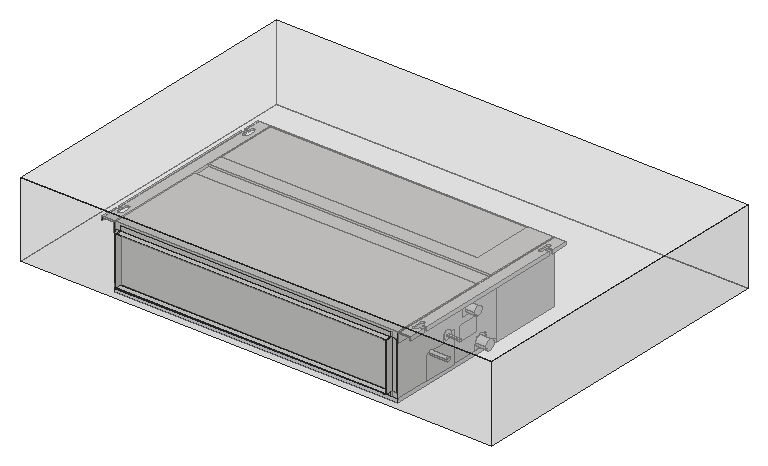
Revit family "outputfile", category 機械設備, Revit 2024
Family settings
  丸型コネクタ寸法 = 半径を使用
  パーツ タイプ = 標準
  OmniClass 番号 = 23.75.10.24.21.27.27
  OmniClass タイトル = Split System Air Conditioning Units
  作業面ベース = いいえ
  常に垂直 = はい
  ロード時にボイドで切り取り = いいえ
  注釈の向きを維持 = いいえ
  共有 = いいえ
  部屋計算ポイント = はい
Parameters (values of type "FXDQ40NDVE")
  Description = ""
  製造元 = "Daikin"
  書き出し IFC クラス(タイプ) = "IfcUnitaryEquipmentType"
  定義済み IFC タイプ(タイプ) = "AIRCONDITIONINGUNIT"
  Cost = 0
  モデル = "FXDQ40NDVE"
  Type Comments = ""
  Keynote = ""
  Type Image = (empty or 0)
  Assembly Code = ""
  w_pipe = 33.0 mm
  r_Liquid Pipe Size = Liquid Pipe Size / 2  # 3.2 mm
  r_Gas Pipe Size = Gas Pipe Size / 2  # 6.35 mm
  r_Drain Pipe Size = Drain Pipe Size / 2  # 10.0 mm
  lw_powersupply = 404.0 mm
  lw_ductflange2 = 820.0 mm
  lw_Width = 860.0 mm
  lh_suctionflange [instance] = if(Rear Connection_Return Air, 100.0 mm + [h***], 190.0 mm + [h***])  # 100.0 mm
  ld_suctionflange [instance] = if(Rear Connection_Return Air, 190.0 mm, 100.0 mm)  # 190.0 mm
  ld_powersupply = 60.0 mm
  angle_vertical_RA [instance] = if(Rear Connection_Return Air, 90.00°, 0.00°)  # 90.00°
  angle horizontal_RA [instance] = if(Rear Connection_Return Air, 180.00°, 270.00°)  # 180.00°
  Voltage_comment_60Hz = "220"
  Voltage_comment_50Hz = "220-240"
  Voltage_60Hz = 220 V
  Voltage_50Hz = 220 V
  URL = ""
  Supply Air Direction [instance] = yes
  Sound Power Level_H speed (dB) = 56
  Rear Connection_Return Air [instance] = not(Bottom Connection_Return Air)  # yes
  RA_length = 190.0 mm  # constant formula
  Phase_60Hz = 1
  Phase_50Hz = 1
  Minimum External Static Pressure = 15.00 Pa
  Minimum Circuit Amps_60Hz = 1.1 A
  Minimum Circuit Amps_50Hz = 1.0 A
  Maximum Fuse Amps_60Hz = 16.0 A
  Maximum Fuse Amps_50Hz = 16.0 A
  Maximum External Static Pressure = 44.00 Pa
  Material_Casing = DAIKIN_GalvanizedSteel_Casing_indoorunit
  lw_liquidpipe = 46.0 mm  # constant formula
  lw_gaspipe = 57.0 mm  # constant formula
  lw_mountinghole_pitch = 940.0 mm
  lw_mountinghole = 20.0 mm  # constant formula
  lw_drainpipe = 33.0 mm  # constant formula
  lh_powersupply = 10.0 mm
  lh_liquidpipe = 110.0 mm
  lh_gaspipe = 87.0 mm
  lh_mountinghole = Height + [h***]  # 200.0 mm
  lh_drainpipe = 150.0 mm
  lh_antena = 1.0 mm  # constant formula
  ld_liquidpipe = 193.0 mm  # constant formula
  ld_gaspipe = 130.0 mm  # constant formula
  ld_mountinghole_pitch = 0.0 mm  # constant formula
  ld_drainpipe = 280.0 mm
  ld_controlbox = 626.0 mm  # constant formula
  h*** = 0.0 mm  # constant formula
  d_dischargeflange = 21.2 mm  # constant formula
  Width = 900.0 mm
  Version = "ver.1.0"
  Unit Type = "Slim Duct (Standard) Type"
  Unit Mass Weight = 27.00 kg
  Unit Designation [instance] = ""
  Uniclass2015Version = "Products v1.30"
  Uniclass2015Title = "Variable refrigerant flow units"
  Uniclass2015Code = "Pr_70_65_03_94"
  Total Heating Capacity [instance] = 0.000 kW
  Total Cooling Capacity [instance] = 0.000 kW
  Sound Pressure Level_M speed (dBA) = 0
  Sound Pressure Level_L speed (dBA) = 26
  Sound Pressure Level_H speed (dBA) = 30
  Series = "VRV Fan Coil Unit"
  Sensible Cooling Capacity [instance] = 0.000 kW
  SA Duct Size Width = 860.0 mm
  SA Duct Size Height = 153.0 mm
  Refrigerant Type = "R410A"
  RA Duct Size Width = 800.0 mm
  RA Duct Size Height = 180.0 mm
  Power Input (Heating) = 0.147 kW
  Power Input (Cooling) = 0.160 kW
  Option Accessory 3 [instance] = ""
  Option Accessory 2 [instance] = ""
  Option Accessory 1 [instance] = ""
  Nominal Heating Capacity = 5.000 kW
  Nominal Cooling Capacity = 4.500 kW
  Minimum Airflow = 510.00 m³/h
  Median Airflow = 570.00 m³/h
  Maximum Airflow = 630.00 m³/h
  Load Classification = HVAC
  Liquid Pipe Size = 6.4 mm
  Link_Nested Family [instance] = ""
  IfcVersion = "0"
  IfcExportType = "AIRCONDITIONINGUNIT"
  IfcExportAs = "IfcUnitaryEquipmentType"
  Height = 200.0 mm
  Heating Entering Wet Bulb Temperature [instance] = 0.00 °C
  Heating Entering Dry Bulb Temperature [instance] = 0.00 °C
  Heating Ambient Wet Bulb Temperature [instance] = 0.00 °C
  Heating Ambient Dry Bulb Temperature [instance] = 0.00 °C
  Heat Exchanger Type = "Cross Fin Coil"
  Gas Pipe Size = 12.7 mm
  Frequency_60Hz = 60 Hz
  Frequency_50Hz = 50 Hz
  Fan Type = "Sirocco Fan"
  Fan Drive = "Direct Drive"
  FCU Tag No. [instance] = ""
  Drain Pipe Size = 20.0 mm
  Design Supply Airflow [instance] = 0.00 m³/h
  Design Return Airflow [instance] = 0.00 m³/h
  Design External Static Pressure [instance] = 0.00 Pa
  Depth = 620.0 mm
  既定の高さ = 0.0 mm
  Cooling Entering Wet Bulb Temperature [instance] = 0.00 °C
  Cooling Entering Dry Bulb Temperature [instance] = 0.00 °C
  Cooling Ambient Wet Bulb Temperature [instance] = 0.00 °C
  Cooling Ambient Dry Bulb Temperature [instance] = 0.00 °C
  Clearance visibility [instance] = yes
  Clearance Top = 20.0 mm
  Clearance Right = 300.0 mm
  Clearance Rear = 400.0 mm
  Clearance Left = 300.0 mm
  Clearance Front = 0.0 mm
  Clearance Bottom = 20.0 mm
  Bottom Connection_Return Air [instance] = no
Reference planes
  plane 1 "Center (Front/Back)": y = 0
  plane 2: z = 0
  plane 3 "Center (Left/Right)": x = 0
  plane 4 "Back": y = 310
  plane 5 "Front": y = -310
  plane 6 "Left": x = -450
  plane 7 "Right": x = 450
  plane 8 "Top": z = 0
  plane 9 "Bottom": z = -200
  plane 10: x = 330
  plane 11: x = -330
  plane 12: z = -190
  plane 13: z = -6
  plane 14: z = -22
  plane 15: z = -90
  plane 16: z = -113
  plane 17: x = -304
  plane 18: x = 304
  plane 19: x = -470
  plane 20: x = 470
  plane 21: y = 250
  plane 22: y = 250
  plane 23: x = -490
  plane 24: x = 390
  plane 25: x = 496
  plane 26: x = 507
  plane 27: x = 483
  plane 28: z = 0
  plane 29: z = -50
  plane 30 "Clearance Left": x = -750
  plane 31 "Clearance Right": x = 750
  plane 32 "Clearance Rear": y = 710
  plane 33 "Clearance Front": y = -310
  plane 34 "Clearance Top": z = 20
  plane 35 "Clearance Bottom": z = -220
  plane 36: z = -21
  plane 37: z = -170
  plane 38: z = -96.5
  plane 39: x = -40
  plane 40: y = -180
  plane 41: y = -117
  plane 42: y = -30
  plane 43: y = 20
  plane 44: z = -97.5
  plane 45: y = -309
  plane 46: x = -449
  plane 47: z = -100
  plane 48: z = -30
  plane 49: y = 210
  plane 50: z = -97.5
  plane 51: z = -199
  plane 52: y = 120
  plane 53: z = -101
  plane 54: x = 480
  plane 55: x = 445
  plane 56: x = 455
  plane 57: x = 451
  plane 58: x = 369
  plane 59: x = 449.004
  plane 60: x = -449
  plane 61: x = 404
  plane 62: z = -189
Forms (mm)
  Extrusion 1, solid
    sketch origin (0, 0, 0) x (1, 0, 0) y (0, 0, 1)
      loop
        line (-450, -190) -> (-450, -200) -> (450, -200) -> (450, -190) -> (-450, -190)
    from -84 to 310
  Extrusion 2, solid, material "DAIKIN_GalvanizedSteel_Casing_indoorunit" <- "Material_Casing"
    sketch origin (0, 0, 0) x (1, 0, 0) y (0, 1, 0)
      loop
        line (-450, -309) -> (450, -309) -> (450, 310) -> (-450, 310) -> (-450, -309)
    from -200 to 0
  Extrusion 3, void
    sketch origin (0, 0, 1) x (1, 0, 0) y (0, 1, 0)
      loop
        line (-450, 62.179) -> (-450, 4.179) -> (450, 4.179) -> (450, 62.179) -> (-450, 62.179)
    from -1 to -7
  Extrusion 4, void
    sketch origin (0, 0, 0) x (0, 1, 0) y (0, 0, 1)
      loop
        line (-5, -190) -> (45, -190) -> (45, -170)
        arc (45, -170) -> (20, -145) -> (-5, -170) r 25
        line (-5, -170) -> (-5, -190)
    from 450 to 445
  Revolve 5, solid, material "DAIKIN_GalvanizedSteel_Casing_indoorunit" <- "Material_Casing"
    sketch origin (0, 0, -113) x (0, -1, 0) y (1, 0, 0)
      loop
        line (173.65, 451) -> (180, 451) -> (180, 507) -> (173.65, 507) -> (173.65, 451)
      axis (180, 451) -> (180, 507)
    angle from 0 to 360
  Revolve 6, solid, material "DAIKIN_GalvanizedSteel_Casing_indoorunit" <- "Material_Casing"
    sketch origin (0, 0, -90) x (0, -1, 0) y (1, 0, 0)
      loop
        line (117, 451) -> (117, 496) -> (113.8, 496) -> (113.8, 451) -> (117, 451)
      axis (117, 496) -> (117, 451)
    angle from 0 to 360
  Extrusion 7, solid, material "DAIKIN_GalvanizedSteel_Casing_indoorunit" <- "Material_Casing"
    sketch origin (0, 0, 0) x (0, 1, 0) y (0, 0, 1)
      loop
        circle (-116, -90) r 12.7
    from 450 to 455
  Extrusion 8, solid, material "DAIKIN_GalvanizedSteel_Casing_indoorunit" <- "Material_Casing"
    sketch origin (0, 0, 0) x (0, 1, 0) y (0, 0, 1)
      loop
        circle (20, -170) r 15
    from 480 to 445
  Extrusion 9, solid, material "DAIKIN_GalvanizedSteel_Casing_indoorunit" <- "Material_Casing"
    sketch origin (0, 0, 0) x (0, 1, 0) y (0, 0, 1)
      loop
        line (-52, -30) -> (-52, -70) -> (-11, -70) -> (-11, -30) -> (-52, -30)
    from 450 to 451
  Extrusion 10, solid, material "DAIKIN_GalvanizedSteel_Casing_indoorunit" <- "Material_Casing"
    sketch origin (0, 0, 0) x (0, 1, 0) y (0, 0, 1)
      loop
        circle (-30, -50.064) r 13
    from 450 to 483
  Extrusion 11, solid, material "DAIKIN_GalvanizedSteel_Casing_indoorunit" <- "Material_Casing"
    sketch origin (0, 0, 0) x (0, 1, 0) y (0, 0, 1)
      loop
        line (-63.609, -90) -> (-63.609, -136) -> (0.391, -136) -> (0.391, -90) -> (-63.609, -90)
    from 450 to 451
  Extrusion 12, solid, material "DAIKIN_GalvanizedSteel_Casing_indoorunit" <- "Material_Casing"
    sketch origin (0, 0, 0) x (1, 0, 0) y (0, 0, 1)
      loop
        line (-450, -190) -> (-450, -200) -> (450, -200) -> (450, -190) -> (-450, -190)
    from -84 to 310
  Extrusion 13, solid, material "DAIKIN_GalvanizedSteel_Casing_indoorunit" <- "Material_Casing", visible <- "Bottom Connection_Return Air"
    sketch origin (0, 0, 0) x (1, 0, 0) y (0, 0, 1)
      loop
        line (369, -200) -> (369, -1) -> (-449, -1) -> (-449, -200) -> (369, -200)
    from -310 to -309
  Extrusion 14, void
    sketch origin (0, 0, 0) x (1, 0, 0) y (0, 0, 1)
      loop
        line (369, 0) -> (-449, 0) -> (-449, -1) -> (369, -1) -> (369, 0)
    from -310 to -111
  Extrusion 15, solid, material "DAIKIN_GalvanizedSteel_Casing_indoorunit" <- "Material_Casing", visible <- "Rear Connection_Return Air"
    sketch origin (0, 0, 0) x (1, 0, 0) y (0, 1, 0)
      loop
        line (-449, 310) -> (-449, 111) -> (369, 111) -> (369, 310) -> (-449, 310)
    from -200 to -199
  Extrusion 16, solid, material "DAIKIN_GalvanizedSteel_Casing_indoorunit" <- "Material_Casing"
    sketch origin (0, 0, 0) x (0, 1, 0) y (0, 0, 1)
      loop
        line (-194, -113) -> (-194, -190) -> (-88.3, -190) -> (-88.3, -90) -> (-103.3, -90)
        arc (-103.3, -90) -> (-116, -102.7) -> (-128.7, -90) r 12.7
        line (-128.7, -90) -> (-128.7, -113) -> (-173.65, -113)
        arc (-173.65, -113) -> (-180, -119.35) -> (-186.35, -113) r 6.35
        line (-186.35, -113) -> (-194, -113)
    from 451 to 450
  Extrusion 17, solid, material "DAIKIN_GalvanizedSteel_Casing_indoorunit" <- "Material_Casing"
    sketch origin (0, 0, 0) x (0, 1, 0) y (0, 0, 1)
      loop
        line (84, -199) -> (310, -199) -> (310, -22) -> (91, -22) -> (84, -29) -> (84, -199)
    from 451 to 450
Cuts and joins
  Extrusion 3, Extrusion 4, Extrusion 14 cuts Extrusion 2
  Extrusion 4 cuts Extrusion 1
  Extrusion 14 cuts Extrusion 12
Dimensions and locks
  "lh_powersupply": plane 12 to plane 9 "Bottom"
  locked: plane 8 "Top" to plane 13 at 6
  "Height": plane 8 "Top" to plane 9 "Bottom"
  equal spacing: plane 17, plane 3 "Center (Left/Right)", plane 18, locked at 304 each
  locked: plane 17 to plane 18 at 608
  equal spacing: plane 19, plane 3 "Center (Left/Right)", plane 20
  "lw_mountinghole_pitch": plane 19 to plane 20
  locked: plane 14 to plane 9 "Bottom" at 178
  "lw_mountinghole": plane 23 to plane 19
  "lh_liquidpipe": plane 15 to plane 9 "Bottom"
  "lh_gaspipe": plane 16 to plane 9 "Bottom"
  "lh_mountinghole": plane 28 to plane 9 "Bottom"
  "ld_mountinghole_pitch": plane 22 to plane 21
  equal spacing: plane 6 "Left", plane 3 "Center (Left/Right)", plane 7 "Right"
  "Width": plane 6 "Left" to plane 7 "Right"
  "lh_drainpipe": plane 29 to plane 9 "Bottom"
  "Clearance Right": plane 7 "Right" to plane 31 "Clearance Right"
  "Clearance Left": plane 30 "Clearance Left" to plane 6 "Left"
  "lw_gaspipe": plane 7 "Right" to plane 26
  "lw_liquidpipe": plane 7 "Right" to plane 25
  "lw_drainpipe": plane 7 "Right" to plane 27
  "Clearance Rear": plane 32 "Clearance Rear" to plane 4 "Back"
  "Clearance Front": plane 5 "Front" to plane 33 "Clearance Front"
  "Clearance Top": plane 34 "Clearance Top" to plane 8 "Top"
  "Clearance Bottom": plane 9 "Bottom" to plane 35 "Clearance Bottom"
  "ld_powersupply": plane 4 "Back" to plane 22
  locked: plane 8 "Top" to plane 36 at 21
  locked: plane 8 "Top" to plane 37 at 170
  locked: plane 40 to plane 41 at 63
  locked: plane 38 to plane 9 "Bottom" at 103.5
  locked: plane 36 to plane 44 at 76.5
  "Depth": plane 4 "Back" to plane 5 "Front"
  equal spacing: plane 4 "Back", plane 1 "Center (Front/Back)", plane 5 "Front"
  locked: plane 45 to plane 5 "Front" at 1
  locked: plane 46 to plane 6 "Left" at 1
  Extrusion 13 sketch curve to Extrusion 13 sketch curve = 199.0 mm
  nested 11 to plane 39 = 400.0 mm
  locked: plane 12 to plane 47 at 90
  plane 32 "Clearance Rear" to Extrusion 13 = 401.0 mm
  locked: plane 48 to plane 35 "Clearance Bottom" at 190
  plane 49 to nested 12 = 90.0 mm
  locked: plane 50 to plane 9 "Bottom" at 102.5
  locked: plane 51 to plane 9 "Bottom" at 1
  "ld_suctionflange": plane 4 "Back" to plane 52
  locked: plane 53 to plane 9 "Bottom" at 99
  locked: plane 7 "Right" to plane 54 at 30
  locked: plane 55 to plane 7 "Right" at 5
  locked: plane 7 "Right" to plane 56 at 5
  locked: plane 7 "Right" to plane 57 at 1
  plane 7 "Right" to plane 58 = 81.0 mm
  locked: plane 7 "Right" to plane 59 at 0.996
  locked: plane 60 to plane 6 "Left" at 1
  "lw_powersupply": plane 3 "Center (Left/Right)" to plane 61
  "r_Gas Pipe Size": nested 6 to Revolve 5 sketch curve
  "r_Liquid Pipe Size": nested 5 to Revolve 6 sketch curve
  locked: plane 62 to plane 9 "Bottom" at 11
  aligned and locked: level to plane 2
  aligned and locked: Extrusion 2 to plane 9 "Bottom"
  aligned and locked: plane 8 "Top" to Extrusion 2
  aligned and locked: Revolve 5 sketch curve to Revolve 5 sketch curve
  aligned and locked: plane 15 to Extrusion 7 sketch curve
  aligned and locked: cut or joined group of Extrusion 1, Extrusion 4 to plane 9 "Bottom"
  aligned and locked: plane 27 to Extrusion 10
  aligned and locked: plane 25 to nested 5
  aligned and locked: nested 5 to plane 15
  aligned and locked: nested 1 to plane 22
  aligned and locked: plane 20 to nested 2
  aligned and locked: plane 19 to nested 3
  aligned and locked: plane 22 to nested 4
  aligned and locked: nested 4 to plane 22
  aligned and locked: plane 19 to nested 4
  aligned and locked: nested 7 to plane 29
  aligned and locked: Extrusion 10 to nested 7
  aligned and locked: plane 27 to nested 7
  aligned and locked: nested 10 to plane 12
  aligned and locked: Extrusion 12 to plane 5 "Front"
  aligned and locked: Extrusion 12 to plane 9 "Bottom"
  aligned and locked: nested 6 to plane 16
  aligned and locked: plane 40 to nested 6
  aligned and locked: plane 41 to nested 5
  aligned and locked: plane 42 to nested 7
  aligned and locked: Extrusion 8 sketch curve to plane 43
  aligned and locked: plane 4 "Back" to Extrusion 14
  aligned and locked: Extrusion 15 to nested 12
  aligned and locked: plane 8 "Top" to Extrusion 3
  aligned and locked: Extrusion 13 to cut or joined group of Extrusion 2, Extrusion 3, Extrusion 4, Extrusion 14
  aligned and locked: plane 9 "Bottom" to Extrusion 15  (x2)
  aligned and locked: Extrusion 15 to plane 51
  aligned and locked: plane 4 "Back" to nested 11
  aligned and locked: Extrusion 14 to level
  aligned and locked: plane 32 "Clearance Rear" to nested 13
  aligned and locked: plane 31 "Clearance Right" to nested 13
  aligned and locked: plane 30 "Clearance Left" to nested 13
  aligned and locked: nested 13 to plane 33 "Clearance Front"
  aligned and locked: nested 13 to plane 34 "Clearance Top"
  aligned and locked: nested 13 to plane 35 "Clearance Bottom"
  aligned and locked: plane 7 "Right" to Extrusion 16  (x2)
  aligned and locked: plane 4 "Back" to Extrusion 17
  aligned and locked: Extrusion 17 to plane 51
  aligned and locked: plane 7 "Right" to Extrusion 17  (x2)
  aligned and locked: Extrusion 16 to Revolve 5 sketch curve
  aligned and locked: Extrusion 3 to plane 13
  aligned and locked: plane 52 to nested 14
  aligned and locked: nested 12 to Extrusion 14
  aligned and locked: Extrusion 11 to plane 7 "Right"
  aligned and locked: Extrusion 7 to plane 7 "Right"
  aligned and locked: plane 7 "Right" to cut or joined group of Extrusion 2, Extrusion 3, Extrusion 4, Extrusion 14  (x2)
  aligned and locked: cut or joined group of Extrusion 2, Extrusion 3, Extrusion 4, Extrusion 14 to plane 55
  aligned and locked: Extrusion 8 to plane 55
  aligned and locked: plane 54 to Extrusion 8
  aligned and locked: plane 56 to Extrusion 7
  aligned and locked: plane 57 to Extrusion 17
  aligned and locked: Extrusion 16 to plane 57
  aligned and locked: Extrusion 11 to plane 57
  aligned and locked: plane 26 to nested 6
  aligned and locked: Extrusion 9 to plane 57
  aligned and locked: Extrusion 9 to plane 7 "Right"
  aligned and locked: Extrusion 10 to plane 7 "Right"
  aligned and locked: plane 58 to Extrusion 14 sketch curve
  aligned and locked: Extrusion 13 sketch curve to plane 58
  aligned and locked: plane 3 "Center (Left/Right)" to nested 15
  aligned and locked: Extrusion 15 to plane 58
  aligned and locked: plane 6 "Left" to nested 11
  aligned and locked: plane 8 "Top" to nested 15
  aligned and locked: plane 4 "Back" to nested 15
  aligned and locked: cut or joined group of Extrusion 2, Extrusion 3, Extrusion 4, Extrusion 14 to plane 45
  aligned and locked: nested 10 to plane 61
  aligned and locked: plane 20 to nested 1
  aligned and locked: nested 12 to plane 58
  aligned and locked: nested 9 to plane 1 "Center (Front/Back)"
  aligned and locked: plane 3 "Center (Left/Right)" to nested 9
  aligned and locked: plane 51 to nested 12
  aligned and locked: nested 11 to plane 51
  aligned and locked: nested 16 to plane 62
  aligned and locked: plane 13 to nested 16
  aligned and locked: plane 45 to nested 16
  aligned and locked: level to plane 8 "Top"
Automatic sketch dimensions
  Extrusion 1 sketch curve to plane 6 "Left" = 0.0 mm
  Extrusion 1 sketch curve to plane 7 "Right" = 0.0 mm
  Extrusion 1 sketch curve to plane 9 "Bottom" = 0.0 mm
  Extrusion 1 sketch curve to plane 12 = 0.0 mm
  Extrusion 2 sketch curve to plane 4 "Back" = 0.0 mm
  Extrusion 2 sketch curve to plane 6 "Left" = 0.0 mm
  Extrusion 2 sketch curve to plane 7 "Right" = 0.0 mm
  Extrusion 2 sketch curve to plane 45 = 0.0 mm
  Extrusion 3 sketch curve to plane 6 "Left" = 0.0 mm
  Extrusion 3 sketch curve to plane 7 "Right" = 0.0 mm
  Extrusion 3 sketch curve to plane 1 "Center (Front/Back)" = 4.179 mm
  plane 43 to Extrusion 3 sketch curve = 42.179 mm
  Extrusion 4 sketch curve to plane 37 = 0.0 mm
  Extrusion 4 sketch curve to plane 12 = 0.0 mm
  Extrusion 4 sketch curve to plane 43 = 0.0 mm
  plane 1 "Center (Front/Back)" to Extrusion 4 sketch curve = 5.0 mm
  plane 41 to Extrusion 7 sketch curve = 1.0 mm
  Extrusion 8 sketch curve to plane 37 = 0.0 mm
  Extrusion 9 sketch curve to plane 42 = 22.0 mm
  plane 1 "Center (Front/Back)" to Extrusion 9 sketch curve = 11.0 mm
  plane 15 to Extrusion 9 sketch curve = 20.0 mm
  Extrusion 9 sketch curve to plane 14 = 8.0 mm
  Extrusion 10 sketch curve to plane 42 = 0.0 mm
  Extrusion 10 sketch curve to plane 29 = 0.064 mm
  plane 15 to Extrusion 11 sketch curve = 0.0 mm
  Extrusion 11 sketch curve to plane 42 = 33.609 mm
  Extrusion 11 sketch curve to plane 1 "Center (Front/Back)" = 0.391 mm
  Extrusion 11 sketch curve to plane 16 = 23.0 mm
  Extrusion 12 sketch curve to plane 6 "Left" = 0.0 mm
  Extrusion 12 sketch curve to plane 7 "Right" = 0.0 mm
  Extrusion 12 sketch curve to plane 9 "Bottom" = 0.0 mm
  Extrusion 12 sketch curve to plane 12 = 0.0 mm
  plane 46 to Extrusion 13 sketch curve = 0.0 mm
  plane 46 to Extrusion 14 sketch curve = 0.0 mm
  Extrusion 14 sketch curve to plane 8 "Top" = 1.0 mm
  Extrusion 15 sketch curve to plane 46 = 0.0 mm
  Extrusion 15 sketch curve to plane 4 "Back" = 0.0 mm
  plane 18 to Extrusion 15 sketch curve = 65.0 mm
  plane 43 to Extrusion 15 sketch curve = 91.0 mm
  plane 35 "Clearance Bottom" to Extrusion 14 sketch curve = 220.0 mm
  Extrusion 13 sketch curve to plane 51 = 1.0 mm
  Extrusion 16 sketch curve to plane 12 = 0.0 mm
  Extrusion 16 sketch curve to plane 16 = 0.0 mm
  Extrusion 16 sketch curve to plane 40 = 0.0 mm
  Extrusion 16 sketch curve to plane 15 = 0.0 mm
  Extrusion 16 sketch curve to Extrusion 16 sketch curve = 6.35 mm
  Extrusion 16 sketch curve to Extrusion 16 sketch curve = 7.65 mm
  Extrusion 16 sketch curve to plane 41 = 11.7 mm
  plane 41 to Extrusion 16 sketch curve = 1.0 mm
  Extrusion 16 sketch curve to Extrusion 16 sketch curve = 27.7 mm
  Extrusion 17 sketch curve to plane 51 = 0.0 mm
  Extrusion 17 sketch curve to plane 14 = 0.0 mm
  plane 48 to Extrusion 17 sketch curve = 1.0 mm
  plane 43 to Extrusion 17 sketch curve = 64.0 mm
  Extrusion 17 sketch curve to Extrusion 17 sketch curve = 7.0 mm
  Extrusion 17 sketch curve to plane 4 "Back" = 0.0 mm
  Revolve 5 sketch curve to plane 26 = 0.0 mm
  Revolve 5 sketch curve to plane 40 = 0.0 mm
  Revolve 5 sketch curve to Revolve 5 sketch curve = 1.003 mm
  plane 26 to Revolve 5 sketch curve = 1.003 mm
  Revolve 6 sketch curve to plane 41 = 0.0 mm  (x2)
  Revolve 6 sketch curve to plane 25 = 0.0 mm  (x2)
  Revolve 6 sketch curve to plane 57 = 0.0 mm  (x2)
  radius of Extrusion 7 sketch curve = 12.7 mm
  radius of Extrusion 8 sketch curve = 15.0 mm
  radius of Extrusion 10 sketch curve = 13.0 mm
Nested families
  nested 1: "daikin_mountinghole" at (470, 250, -200), l_antenna <- "lh_antena", Link_Nested Family <- "Link_Nested Family", h_mountinghole <- "lh_mountinghole", type "daikin_mountinghole"
    with show yes, l_antenna 1.0 mm, h_mountinghole 200.0 mm, Link_Nested Family ""
  nested 2: "daikin_mountinghole" at (470, -250, -200), Link_Nested Family <- "Link_Nested Family", l_antenna <- "lh_antena", h_mountinghole <- "lh_mountinghole", type "daikin_mountinghole"
    with show yes, l_antenna 1.0 mm, h_mountinghole 200.0 mm, Link_Nested Family ""
  nested 3: "daikin_mountinghole" at (-470, -250, -200), l_antenna <- "lh_antena", Link_Nested Family <- "Link_Nested Family", h_mountinghole <- "lh_mountinghole", type "daikin_mountinghole"
    with show yes, l_antenna 1.0 mm, h_mountinghole 200.0 mm, Link_Nested Family ""
  nested 4: "daikin_mountinghole" at (-470, 250, -200), l_antenna <- "lh_antena", Link_Nested Family <- "Link_Nested Family", h_mountinghole <- "lh_mountinghole", type "daikin_mountinghole"
    with show yes, l_antenna 1.0 mm, h_mountinghole 200.0 mm, Link_Nested Family ""
  nested 5: "daikin_connector_rotate2" at (450, -117, -90) x (0, 1, 0) z (0, 0, 1), length <- "lw_liquidpipe", built-in parameter 1001364 <- "lh_liquidpipe", radius <- "r_Liquid Pipe Size", type "daikin_connector_rotate2"
    with radius 3.2 mm, length 46.0 mm, angle_vertical 90.00°
  nested 6: "daikin_connector_rotate2" at (450, -180, -113) x (0, 1, 0) z (0, 0, 1), length <- "lw_gaspipe", built-in parameter 1001364 <- "lh_gaspipe", radius <- "r_Gas Pipe Size", type "daikin_connector_rotate2"
    with radius 6.35 mm, length 57.0 mm, angle_vertical 90.00°
  nested 7: "daikin_connector_rotate2" at (450, -30, -50) x (0, 1, 0) z (0, 0, 1), built-in parameter 1001364 <- "lh_drainpipe", length <- "lw_drainpipe", radius <- "r_Drain Pipe Size", type "daikin_connector_rotate2"
    with radius 10.0 mm, length 33.0 mm, angle_vertical 90.00°
  nested 8: "daikin_connector_rotate2" at (0, -309, -97.5), length <- "d_dischargeflange", type "daikin_connector_rotate2"
    with radius 10.0 mm, length 21.2 mm, angle_vertical 90.00°
  nested 9: "daikin_△_symbolicline" at (-75, -129.904, 200) x (-0.5, 0.866, 0) z (0, 0, 1), built-in parameter 1001364 <- "Height", visible <- "Supply Air Direction", type "daikin_△_symbolicline"
    with length 300.0 mm
  nested 10: "daikin_connector_rotate2" at (404, 250, -190) x (-1, 0, 0) z (0, 0, 1), built-in parameter 1001364 <- "lw_powersupply", length <- "ld_powersupply", type "daikin_connector_rotate2"
    with radius 10.0 mm, length 60.0 mm, angle_vertical 90.00°
  nested 11: "daikin_ductflange_FXDQ-NDVE2" at (-40, 310, -100), visible <- "Rear Connection_Return Air", material <- "Material_Casing", width <- "lw_ductflange2", type "daikin_ductflange_FXDQ-NDVE2"
    with width 820.0 mm, material DAIKIN_GalvanizedSteel_Casing_indoorunit, height 180.0 mm, depth 21.2 mm
  nested 12: "daikin_ductflange_FXDQ-NDVE2" at (-40, 210, -200) x (1, 0, 0) z (0, 1, 0), visible <- "Bottom Connection_Return Air", material <- "Material_Casing", width <- "lw_ductflange2", type "daikin_ductflange_FXDQ-NDVE2"
    with width 820.0 mm, material DAIKIN_GalvanizedSteel_Casing_indoorunit, height 180.0 mm, depth 21.2 mm
  nested 13: "daikin_clearancespace" at (0, 200, -99.881), visible <- "Clearance visibility", show <- "Clearance visibility", Link_Nested Family <- "Link_Nested Family", type "daikin_clearancespace"
    with width 1500.0 mm, show yes, height 240.0 mm, depth 1020.0 mm, Link_Nested Family ""
  nested 14: "daikin_connector_rotate3" at (-40, 120, -100), built-in parameter 1001364 <- "lh_suctionflange", angle_vertical <- "angle_vertical_RA", angle_horizontal <- "angle horizontal_RA", length <- "RA_length", type "daikin_connector_rotate3"
    with show no, radius 10.0 mm, length 190.0 mm, angle_vertical 90.00°, angle_horizontal 180.00°
  nested 15: "daikin_hangerfixture_FXDQ-NDVE" at (0, 0.5, 0), type "daikin_hangerfixture_FXDQ-NDVE"
  nested 16: "daikin_ductflange_FXDQ-NDVE" at (0, 4.5, -364.201), material <- "Material_Casing", width <- "lw_Width", type "daikin_ductflange_FXDQ-NDVE"
    with width 860.0 mm, material DAIKIN_GalvanizedSteel_Casing_indoorunit, height 155.0 mm, depth 21.2 mm
Connectors
  piping at (507, -180, -113), diameter 12.7, driven by "r_Gas Pipe Size"
    settings: on nested 6, index 1, connector inside diameter 609.6 mm, connector length 0.0 mm, flow factor 0, pipe flow 0.00 m³/h, pressure drop 0.0 Pa, fitting loss kfactor 0, connector angle 0.00°, fixture units 0, engagement length 0.0 mm, angle of deflection 0.00°, flow configuration 1, flow direction 2, fitting loss method 0, system type 29, joint type 0, gender type 0, connector reference index -1, connector utility 0, adjustable connector no, is connector primary yes, connector description "Refrigerant Gas Piping"
  piping at (496, -117, -90), diameter 6.4, driven by "r_Liquid Pipe Size"
    settings: on nested 5, index 2, connector inside diameter 609.6 mm, connector length 0.0 mm, flow factor 0, pipe flow 0.00 m³/h, pressure drop 0.0 Pa, fitting loss kfactor 0, connector angle 0.00°, fixture units 0, engagement length 0.0 mm, angle of deflection 0.00°, flow configuration 1, flow direction 1, fitting loss method 0, system type 29, joint type 0, gender type 0, connector reference index -1, connector utility 0, adjustable connector no, is connector primary no, connector description "Refrigerant Liquid Piping"
  piping at (483, -30, -50), diameter 20, driven by "r_Drain Pipe Size"
    settings: on nested 7, index 3, connector inside diameter 609.6 mm, connector length 0.0 mm, flow factor 0, pipe flow 0.00 m³/h, pressure drop 0.0 Pa, fitting loss kfactor 0, connector angle 0.00°, fixture units 0, engagement length 0.0 mm, angle of deflection 0.00°, flow configuration 1, flow direction 2, fitting loss method 4, system type 16, joint type 0, gender type 0, connector reference index -1, connector utility 0, adjustable connector no, is connector primary no, connector description "Condensate Drain Piping"
  hvac at (0, -330.2, -97.5), driven by "SA Duct Size Height", driven by "SA Duct Size Width"
    settings: on nested 8, index 7, duct flow 0.00 m³/h, flow factor 0, pres drop 0.00 Pa, loss coef 0, conn angle 0.00°, conn width 860.0 mm, conn height 153.0 mm, conn diameter 609.6 mm, duct sys type 1, conn prof type 1, flow config 0, flow direction 2, loss method 4, conn ref index -1, conn util no, is conn primary yes, conn desc "SA Duct"
  electrical at (404, 310, -190), driven by "Load Classification"
    settings: on nested 10, index 9, voltage 0 V, apparent load 0 VA, apparent load phase1 0 VA, apparent load phase2 0 VA, apparent load phase3 0 VA, power factor 1, load classification "HVAC", number of poles 1, system type 30, power factor state 1, is connector primary yes, connector utility no, sub classification motor no, connector description "Power Supply"
  hvac at (-40, 310, -100), driven by "RA Duct Size Height", driven by "RA Duct Size Width"
    settings: on nested 14, index 10, duct flow 0.00 m³/h, flow factor 0, pres drop 0.00 Pa, loss coef 0, conn angle 0.00°, conn width 800.0 mm, conn height 180.0 mm, conn diameter 609.6 mm, duct sys type 2, conn prof type 1, flow config 0, flow direction 1, loss method 4, conn ref index -1, conn util no, is conn primary no, conn desc "RA Duct"
Definition of nested family "daikin_ductflange_FXDQ-NDVE2"
  Parameters (values of type "daikin_ductflange_FXDQ-PDVE2")
    width [instance] = 620.0 mm
    material [instance] = none
    height [instance] = 180.0 mm
    depth [instance] = 21.2 mm
    Default Elevation = 0.0 mm
  Reference planes
    plane 1 "Center (Front/Back)": y = 0
    plane 2: z = 0
    plane 3 "Center (Left/Right)": x = 0
    plane 4: y = -313.5
    plane 5: y = -334.7
    plane 6: x = -310
    plane 7: x = 310
    plane 8: z = 90
    plane 9: z = -90
    plane 10: z = 100
    plane 11: z = -100
    plane 12: x = -309
    plane 13: x = 309
  Forms (mm)
    Extrusion 1, solid, material <- "material"
      sketch origin (0, 0, 0) x (1, 0, 0) y (0, 0, 1)
        loop
          line (-300, 90) -> (-300, -90) -> (300, -90) -> (300, 90) -> (-300, 90)
        loop
          line (-309, -99) -> (309, -99) -> (309, 99) -> (-309, 99) -> (-309, -99)
      from 0 to 1
  Dimensions and locks
    plane 4 to plane 1 "Center (Front/Back)" = 313.5 mm
    "depth": plane 5 to plane 4
    equal spacing: plane 7, plane 3 "Center (Left/Right)", plane 6, locked at 310 each
    "width": plane 7 to plane 6
    equal spacing: plane 8, level, plane 9, locked at 90 each
    "height": plane 8 to plane 9
    equal spacing: plane 10, level, plane 11, locked at 100 each
    locked: plane 10 to plane 11 at 200
    plane 12 to plane 6 = 1.0 mm
    locked: plane 7 to plane 13 at 1
    locked: Extrusion 1 sketch curve to Extrusion 1 sketch curve at 9  (x4)
    locked: plane 10 to Extrusion 1 sketch curve at 1
    locked: Extrusion 1 sketch curve to plane 11 at 1
    aligned and locked: level to plane 2
  Automatic sketch dimensions
    plane 6 to Extrusion 1 sketch curve = 1.0 mm
    Extrusion 1 sketch curve to plane 7 = 1.0 mm
Definition of nested family "daikin_clearancespace"
  Parameters (values of type "daikin_clearancespace")
    width [instance] = 1823.963 mm
    show [instance] = yes
    material = none
    height [instance] = 1359.762 mm
    depth [instance] = 880.0 mm
    Default Elevation = 0.0 mm
    Link_Nested Family [instance] = ""
  Reference planes
    plane 1 "Center (Front/Back)": y = 0
    plane 2 "Center (Elevation)": z = -0.119
    plane 3 "Center (Left/Right)": x = 0
    plane 4: y = 440
    plane 5: y = -440
    plane 6 "Right": x = 911.982
    plane 7 "Left": x = -911.982
    plane 8 "Top": z = 679.762
    plane 9 "Bottom": z = -680
  Forms (mm)
    Extrusion 1, solid, material <- "material", visible <- "show"
      sketch origin (0, 0, 0) x (1, 0, 0) y (0, 1, 0)
        loop
          line (-911.982, 440) -> (-911.982, -440) -> (911.982, -440) -> (911.982, 440) -> (-911.982, 440)
      from -680 to 679.762
  Lines and regions (mm)
    symbolic lines, visible <- "show"
      curve 1: line (911.982, 440, 0) -> (-911.982, 440, 0)
      curve 2: line (-911.982, 440, 0) -> (-911.982, -440, 0)
      curve 3: line (-911.982, -440, 0) -> (911.982, -440, 0)
      curve 4: line (911.982, -440, 0) -> (911.982, 440, 0)
      curve 5: line (911.982, 0, 679.762) -> (-911.982, 0, 679.762)
      curve 6: line (911.982, 0, -680) -> (911.982, 0, 679.762)
      curve 7: line (-911.982, 0, -680) -> (911.982, 0, -680)
      curve 8: line (-911.982, 0, 679.762) -> (-911.982, 0, -680)
      curve 9: line (0, 440, 679.762) -> (0, -440, 679.762)
      curve 10: line (0, -440, 679.762) -> (0, -440, -680)
      curve 11: line (0, 440, -680) -> (0, 440, 679.762)
      curve 12: line (0, -440, -680) -> (0, 440, -680)
  Dimensions and locks
    "width": plane 7 "Left" to plane 6 "Right"
    "depth": plane 4 to plane 5
    "height": plane 8 "Top" to plane 9 "Bottom"
    equal spacing: plane 7 "Left", plane 3 "Center (Left/Right)", plane 6 "Right"
    equal spacing: plane 4, plane 1 "Center (Front/Back)", plane 5
    equal spacing: plane 8 "Top", plane 2 "Center (Elevation)", plane 9 "Bottom"
    aligned and locked: level to plane 2 "Center (Elevation)"
    aligned and locked: Extrusion 1 sketch curve to plane 4
    aligned and locked: plane 7 "Left" to Extrusion 1 sketch curve
    aligned and locked: Extrusion 1 sketch curve to plane 5
    aligned and locked: Extrusion 1 sketch curve to plane 6 "Right"
    aligned and locked: plane 8 "Top" to Extrusion 1
    aligned and locked: curve 1 to Extrusion 1
    aligned and locked: curve 2 to Extrusion 1
    aligned and locked: curve 3 to Extrusion 1
    aligned and locked: curve 4 to Extrusion 1
    aligned and locked: curve 5 to Extrusion 1
    aligned and locked: curve 6 to Extrusion 1
    aligned and locked: curve 7 to Extrusion 1
    aligned and locked: curve 8 to Extrusion 1
    aligned and locked: curve 9 to Extrusion 1
    aligned and locked: curve 10 to Extrusion 1
    aligned and locked: curve 11 to Extrusion 1
    aligned and locked: curve 12 to Extrusion 1
    aligned and locked: Extrusion 1 to plane 9 "Bottom"
Definition of nested family "daikin_hangerfixture_FXDQ-NDVE"
  Parameters (values of type "daikin_hangerfixture_FXDQ-PDVE")
    width = 900.0 mm
    material = none
    height = 30.0 mm
    depth = 619.0 mm
    Default Elevation = 0.0 mm
  Reference planes
    plane 1 "Center (Front/Back)": y = 0
    plane 2: z = 0
    plane 3 "Center (Left/Right)": x = 0
    plane 4: x = 450
    plane 5: y = 309.5
    plane 6: y = -309.5
    plane 7: x = -450
    plane 8: z = -30
  Forms (mm)
    Extrusion 1, solid, material <- "material"
      sketch origin (0, 0, 0) x (1, 0, 0) y (0, 0, 1)
        loop
          line (450, 0) -> (450, -30) -> (452.3, -30) -> (452.3, -2.3) -> (487.7, -2.3) -> (487.7, -10) -> (490, -10) -> (490, 0) -> (450, 0)
      from -309.5 to 309.5
    Extrusion 2, void
      sketch origin (0, 0, 0) x (0, 1, 0) y (0, 0, 1)
        loop
          line (309.5, -30) -> (309.5, -17.979) -> (87.935, -17.979) -> (75.914, -30) -> (309.5, -30)
      from 0 to 550
    Extrusion 3, void
      sketch origin (0, 0, 0) x (1, 0, 0) y (0, 1, 0)
        loop
          line (490, -244) -> (477, -244) -> (477, -237.5)
          arc (477, -237.5) -> (470, -230.5) -> (463, -237.5) r 7
          line (463, -237.5) -> (463, -263.5)
          arc (463, -263.5) -> (470, -270.5) -> (477, -263.5) r 7
          line (477, -263.5) -> (477, -257) -> (490, -257) -> (490, -244)
        loop
          line (490, 243) -> (490, 256) -> (477, 256) -> (477, 262.5)
          arc (477, 262.5) -> (470, 269.5) -> (463, 262.5) r 7
          line (463, 262.5) -> (463, 236.5)
          arc (463, 236.5) -> (470, 229.5) -> (477, 236.5) r 7
          line (477, 236.5) -> (477, 243) -> (490, 243)
      from -254.96 to 618
    Extrusion 4, solid, material <- "material"
      sketch origin (0, 0, 0) x (-1, 0, 0) y (0, 0, -1)
        loop
          line (450, 0) -> (490, 0) -> (490, 10) -> (487.7, 10) -> (487.7, 2.3) -> (452.3, 2.3) -> (452.3, 30) -> (450, 30) -> (450, 0)
      from -309.5 to 309.5
    Extrusion 5, void
      sketch origin (0, 0, 0) x (-1, 0, 0) y (0, -1, 0)
        loop
          line (490, 244) -> (490, 257) -> (477, 257) -> (477, 263.5)
          arc (477, 263.5) -> (470, 270.5) -> (463, 263.5) r 7
          line (463, 263.5) -> (463, 237.5)
          arc (463, 237.5) -> (470, 230.5) -> (477, 237.5) r 7
          line (477, 237.5) -> (477, 244) -> (490, 244)
        loop
          line (490, -243) -> (477, -243) -> (477, -236.5)
          arc (477, -236.5) -> (470, -229.5) -> (463, -236.5) r 7
          line (463, -236.5) -> (463, -262.5)
          arc (463, -262.5) -> (470, -269.5) -> (477, -262.5) r 7
          line (477, -262.5) -> (477, -256) -> (490, -256) -> (490, -243)
      from -254.96 to 618
  Cuts and joins
    Extrusion 2, Extrusion 3, Extrusion 5 cuts Extrusion 1
    Extrusion 5 cuts Extrusion 4
  Dimensions and locks
    equal spacing: plane 5, plane 1 "Center (Front/Back)", plane 6
    "depth": plane 5 to plane 6
    plane 6 to plane 1 "Center (Front/Back)" to plane 5 = 309.5 mm, 309.5 mm
    equal spacing: plane 4, plane 3 "Center (Left/Right)", plane 7
    "width": plane 4 to plane 7
    "height": level to plane 8
    locked: plane 4 to Extrusion 2 at 100
    aligned and locked: level to plane 2
    aligned and locked: plane 5 to Extrusion 1
    aligned and locked: Extrusion 1 to plane 6
    aligned and locked: Extrusion 1 to plane 4
    aligned and locked: plane 5 to cut or joined group of Extrusion 1, Extrusion 2, Extrusion 3, Extrusion 5
    aligned and locked: cut or joined group of Extrusion 1, Extrusion 2, Extrusion 3, Extrusion 5 to plane 6
    aligned and locked: level to cut or joined group of Extrusion 1, Extrusion 2, Extrusion 3, Extrusion 5
    aligned and locked: cut or joined group of Extrusion 1, Extrusion 2, Extrusion 3, Extrusion 5 to plane 8
    aligned and locked: plane 5 to cut or joined group of Extrusion 4, Extrusion 5
    aligned and locked: cut or joined group of Extrusion 4, Extrusion 5 to plane 6
  Automatic sketch dimensions
    Extrusion 1 sketch curve to plane 4 = 0.0 mm
    Extrusion 1 sketch curve to plane 8 = 0.0 mm
    Extrusion 1 sketch curve to level = 0.0 mm
    plane 4 to Extrusion 1 sketch curve = 2.3 mm
    Extrusion 1 sketch curve to level = 2.3 mm
    Extrusion 1 sketch curve to Extrusion 1 sketch curve = 35.4 mm
    Extrusion 1 sketch curve to Extrusion 1 sketch curve = 2.3 mm
    Extrusion 1 sketch curve to Extrusion 1 sketch curve = 7.7 mm
    Extrusion 2 sketch curve to plane 8 = 0.0 mm
    Extrusion 2 sketch curve to plane 5 = 0.0 mm
    plane 8 to Extrusion 2 sketch curve = 12.021 mm
    Extrusion 2 sketch curve to plane 1 "Center (Front/Back)" = 87.935 mm
    Extrusion 2 sketch curve to Extrusion 2 sketch curve = 12.021 mm
    plane 4 to Extrusion 3 sketch curve = 13.0 mm  (x2)
    Extrusion 3 sketch curve to Extrusion 3 sketch curve = 7.0 mm  (x4)
    Extrusion 3 sketch curve to Extrusion 3 sketch curve = 13.0 mm  (x4)
    plane 6 to Extrusion 3 sketch curve = 46.0 mm
    Extrusion 3 sketch curve to Extrusion 3 sketch curve = 6.5 mm  (x4)
    Extrusion 3 sketch curve to plane 5 = 73.0 mm
    Extrusion 4 sketch curve to plane 7 = 0.0 mm
    Extrusion 4 sketch curve to plane 8 = 0.0 mm
    Extrusion 4 sketch curve to level = 0.0 mm
    Extrusion 4 sketch curve to plane 7 = 2.3 mm
    Extrusion 4 sketch curve to level = 2.3 mm
    Extrusion 4 sketch curve to Extrusion 4 sketch curve = 35.4 mm
    Extrusion 4 sketch curve to Extrusion 4 sketch curve = 2.3 mm
    Extrusion 4 sketch curve to Extrusion 4 sketch curve = 7.7 mm
    Extrusion 5 sketch curve to plane 7 = 13.0 mm  (x2)
    Extrusion 5 sketch curve to Extrusion 5 sketch curve = 7.0 mm  (x4)
    Extrusion 5 sketch curve to Extrusion 5 sketch curve = 13.0 mm  (x4)
    Extrusion 5 sketch curve to plane 5 = 47.0 mm
    Extrusion 5 sketch curve to Extrusion 5 sketch curve = 6.5 mm  (x4)
    plane 6 to Extrusion 5 sketch curve = 72.0 mm
Definition of nested family "daikin_ductflange_FXDQ-NDVE"
  Parameters (values of type "daikin_ductflange_FXDQ-NDVE")
    width [instance] = 860.0 mm
    material [instance] = none
    height [instance] = 155.0 mm
    depth [instance] = 21.2 mm
    Default Elevation = 0.0 mm
  Reference planes
    plane 1 "Center (Front/Back)": y = 0
    plane 2: z = 189.201
    plane 3 "Center (Left/Right)": x = 0
    plane 4: y = -313.5
    plane 5: x = -430
    plane 6: x = 430
    plane 7: y = -334.7
    plane 8: z = 344.201
    plane 9: z = 266.701
    plane 10: z = 343.201
    plane 11: z = 190.201
  Forms (mm)
    Extrusion 1, solid, material <- "material"
      sketch origin (0, 0, 189.201) x (1, 0, 0) y (0, 1, 0)
        loop
          line (-430, -334.7) -> (-430, -313.5) -> (-448, -313.5) -> (-448, -314.5) -> (-431, -314.5) -> (-431, -334.7) -> (-430, -334.7)
        loop
          line (430, -334.7) -> (431, -334.7) -> (431, -314.5) -> (448, -314.5) -> (448, -313.5) -> (430, -313.5) -> (430, -334.7)
      from 1 to 154
    Extrusion 2, solid, material <- "material"
      sketch origin (0, 0, 0) x (0, 1, 0) y (0, 0, 1)
        loop
          line (-313.5, 343.201) -> (-313.5, 358.201) -> (-314.5, 358.201) -> (-314.5, 344.201) -> (-334.7, 344.201) -> (-334.7, 343.201) -> (-313.5, 343.201)
        loop
          line (-313.5, 190.201) -> (-334.7, 190.201) -> (-334.7, 189.201) -> (-314.5, 189.201) -> (-314.5, 175.201) -> (-313.5, 175.201) -> (-313.5, 190.201)
      from -430 to 430
  Dimensions and locks
    plane 4 to plane 1 "Center (Front/Back)" = 313.5 mm
    "depth": plane 7 to plane 4
    equal spacing: plane 8, plane 9, level
    "height": plane 8 to level
    equal spacing: plane 6, plane 3 "Center (Left/Right)", plane 5
    "width": plane 6 to plane 5
    plane 5 to plane 6 = 860.0 mm
    locked: plane 8 to plane 10 at 1
    locked: plane 11 to level at 1
    locked: Extrusion 1 to Extrusion 2 sketch curve at 1
    locked: Extrusion 2 sketch curve to Extrusion 1 at 1
    locked: Extrusion 1 sketch curve to Extrusion 1 sketch curve at 1
    locked: Extrusion 1 sketch curve to plane 5 at 18
    locked: Extrusion 1 to plane 5 at 18
    locked: plane 6 to Extrusion 1 at 18
    locked: plane 5 to Extrusion 1 at 18
    locked: Extrusion 1 to plane 6 at 18
    aligned and locked: level to plane 2
    aligned and locked: Extrusion 2 to plane 5
    aligned and locked: Extrusion 2 to plane 11
    aligned and locked: Extrusion 2 to plane 10
    aligned and locked: plane 6 to Extrusion 2
    aligned and locked: plane 5 to Extrusion 2  (x2)
    aligned and locked: plane 5 to Extrusion 1  (x2)
    aligned and locked: Extrusion 1 to plane 6
    aligned and locked: plane 6 to Extrusion 1
    aligned and locked: Extrusion 1 to plane 10
  Automatic sketch dimensions
    Extrusion 1 sketch curve to plane 4 = 0.0 mm  (x2)
    Extrusion 1 sketch curve to plane 7 = 0.0 mm  (x2)
    plane 5 to Extrusion 1 sketch curve = 0.0 mm
    Extrusion 1 sketch curve to plane 5 = 1.0 mm
    plane 6 to Extrusion 1 sketch curve = 1.0 mm
    Extrusion 2 sketch curve to plane 7 = 0.0 mm  (x2)
    Extrusion 2 sketch curve to plane 4 = 0.0 mm  (x2)
    Extrusion 2 sketch curve to plane 11 = 0.0 mm
    Extrusion 2 sketch curve to plane 10 = 0.0 mm
    Extrusion 2 sketch curve to plane 4 = 1.0 mm  (x2)
    Extrusion 2 sketch curve to level = 14.0 mm
    plane 8 to Extrusion 2 sketch curve = 14.0 mm
    Extrusion 1 sketch curve to Extrusion 1 sketch curve = 17.0 mm
    Extrusion 1 sketch curve to plane 4 = 1.0 mm
    Extrusion 1 sketch curve to plane 6 = 0.0 mm
Definition of nested family "daikin_mountinghole"
  Parameters (values of type "daikin_mountinghole")
    Default Elevation = 1219.2 mm
    Type Comments = "mountinghole"
    show [instance] = yes
    material = none
    l_centerline = 100.0 mm
    l_antenna [instance] = 100.0 mm
    h_mountinghole [instance] = 0.0 mm
    d_circle = 30.0 mm
    Link_Nested Family [instance] = ""
  Reference planes
    plane 1 "Center (Front/Back)": y = 0
    plane 2: z = 0
    plane 3 "Center (Left/Right)": x = 0
    plane 4: y = 50
    plane 5: x = -50
    plane 6: x = 50
    plane 7: y = -50
    plane 8 "h_mountinghole": z = 0
    plane 9: z = 100
  Lines and regions (mm)
    model lines, detail levels fine
      curve 1: circle (0, 0, 0) r 15 normal (0, 0, 1)
      curve 2: line (-50, 0, 0) -> (50, 0, 0)
      curve 3: line (0, 50, 0) -> (0, -50, 0)
    symbolic lines, detail levels fine
      curve 4: circle (0, 0, 0) r 15 normal (0, 0, 1)
      curve 5: line (-50, 0, 0) -> (50, 0, 0)
      curve 6: line (0, 50, 0) -> (0, -50, 0)
    model lines
      curve 7: line (0, 0, 100) -> (0, 0, 0)
  Dimensions and locks
    equal spacing: plane 4, plane 1 "Center (Front/Back)", plane 7
    "l_centerline": plane 4 to plane 7
    equal spacing: plane 5, plane 3 "Center (Left/Right)", plane 6
    "l_centerline": plane 5 to plane 6
    "l_antenna": plane 9 to plane 8 "h_mountinghole"
    "h_mountinghole": plane 8 "h_mountinghole" to plane 2
    "d_circle": diameter of curve 1
    "d_circle": diameter of curve 4
    aligned and locked: level to plane 2
    aligned and locked: plane 1 "Center (Front/Back)" to curve 1
    aligned and locked: plane 3 "Center (Left/Right)" to curve 1
    aligned and locked: plane 1 "Center (Front/Back)" to curve 2
    aligned and locked: curve 3 to plane 3 "Center (Left/Right)"
    aligned and locked: plane 6 to curve 2
    aligned and locked: plane 5 to curve 2
    aligned and locked: plane 4 to curve 3
    aligned and locked: plane 7 to curve 3
    aligned and locked: plane 1 "Center (Front/Back)" to curve 4
    aligned and locked: plane 3 "Center (Left/Right)" to curve 4
    aligned and locked: plane 6 to curve 5
    aligned and locked: plane 5 to curve 5
    aligned and locked: plane 1 "Center (Front/Back)" to curve 5
    aligned and locked: plane 4 to curve 6
    aligned and locked: plane 7 to curve 6
    aligned and locked: curve 6 to plane 3 "Center (Left/Right)"
    aligned and locked: curve 7 to plane 3 "Center (Left/Right)"
    aligned and locked: plane 9 to curve 7
    aligned and locked: plane 8 "h_mountinghole" to curve 7
Definition of nested family "daikin_connector_rotate2"
  Parameters (values of type "daikin_connector_rotate2")
    Default Elevation = 1219.2 mm
    show_face = no
    radius [instance] = 10.0 mm
    length [instance] = 600.0 mm
    d_surface = 10.0 mm
    angle_vertical [instance] = 90.00°
  Reference planes
    plane 1 "Center (Front/Back)": y = 0
    plane 2: z = 0
    plane 3 "Center (Left/Right)": x = 0
  Forms (mm)
    Extrusion 1, solid, visible <- "show_face"
      sketch origin (0, -600, 0) x (1, 0, 0) y (0, 0, 1)
        loop
          circle (0, 0) r 10
      from 0 to -10
  Lines and regions (mm)
    reference lines
      curve 1: line (0, 0, 0) -> (0, -600, 0)
    symbolic lines
      curve 2: circle (0, 0, 0) r 5 normal (0, 0, 1)
    model lines, visible <- "show_face"
      curve 3: line (0, 0, 0) -> (0, -600, 0)
  Dimensions and locks
    "length": curve 1 to curve 1
    "length": curve 3 to curve 3
    "d_surface": Extrusion 1 to Extrusion 1
    "radius": radius of Extrusion 1 sketch curve
    "angle_vertical": angle curve 1 to plane 1 "Center (Front/Back)"
    "angle_vertical": angle curve 3 to plane 1 "Center (Front/Back)"
    aligned and locked: level to plane 2
    aligned and locked: plane 1 "Center (Front/Back)" to curve 1
    aligned and locked: plane 2 to curve 1
    aligned and locked: plane 1 "Center (Front/Back)" to curve 2
    aligned and locked: plane 3 "Center (Left/Right)" to curve 2
    aligned and locked: plane 1 "Center (Front/Back)" to curve 3
    aligned and locked: plane 2 to curve 3
    aligned and locked: Extrusion 1 to Extrusion 1
  Automatic sketch dimensions
    Extrusion 1 sketch curve to level = 0.0 mm
    Extrusion 1 sketch curve to plane 3 "Center (Left/Right)" = 0.0 mm
    radius of curve 2 = 5.0 mm
Definition of nested family "daikin_△_symbolicline"
  Parameters (values of type "daikin_△_symbolicline")
    length [instance] = 500.0 mm
    Default Elevation = 0.0 mm
  Reference planes
    plane 1 "Center (Front/Back)": y = 0
    plane 2: z = 0
    plane 3 "Center (Left/Right)": x = 0
  Lines and regions (mm)
    symbolic lines
      curve 1: line (0, -433.013, 0) -> (250, 0, 0)
      curve 2: line (250, 0, 0) -> (-250, 0, 0)
      curve 3: line (-250, 0, 0) -> (0, -433.013, 0)
  Dimensions and locks
    equal spacing: curve 3, plane 3 "Center (Left/Right)", curve 2
    "length": curve 3 to curve 2
    "length": curve 3 to curve 3
    "length": curve 1 to curve 1
    aligned and locked: level to plane 2
    aligned and locked: curve 2 to plane 1 "Center (Front/Back)"
    aligned and locked: plane 3 "Center (Left/Right)" to curve 3
Definition of nested family "daikin_connector_rotate3"
  Parameters (values of type "daikin_connector_rotate3")
    Default Elevation = 1219.2 mm
    show [instance] = yes
    radius [instance] = 10.0 mm
    length [instance] = 600.0 mm
    angle_horizontal [instance] = 60.00°
    angle_vertical [instance] = 90.00°
  Reference planes
    plane 1 "Center (Front/Back)": y = 0
    plane 2: z = 0
    plane 3 "Center (Left/Right)": x = 0
  Dimensions and locks
    "angle_horizontal": angle plane 3 "Center (Left/Right)" to nested 1
    aligned and locked: level to plane 2
    aligned and locked: plane 1 "Center (Front/Back)" to nested 1  (x2)
    aligned and locked: plane 3 "Center (Left/Right)" to nested 1
  Nested families
    nested 1: "daikin_connector_rotate2" at (0, 0, 0) x (0.5, 0.866, 0) z (0, 0, 1), angle_vertical <- "angle_vertical", length <- "length", radius <- "radius", type "daikin_connector_rotate2"
      with radius 10.0 mm, length 600.0 mm, angle_vertical 90.00°
  Definition of nested family "daikin_connector_rotate2"
    Parameters (values of type "daikin_connector_rotate2")
      show_face = yes
      radius [instance] = 10.0 mm
      length [instance] = 600.0 mm
      d_surface = 10.0 mm
      angle_vertical [instance] = 90.00°
      Default Elevation = 0.0 mm
    Reference planes
      plane 1 "Center (Front/Back)": y = 0
      plane 2: z = 0
      plane 3 "Center (Left/Right)": x = 0
    Forms (mm)
      Extrusion 1, solid, visible <- "show_face"
        sketch origin (0, -600, 0) x (1, 0, 0) y (0, 0, 1)
          loop
            circle (0, 0) r 10
        from 0 to -10
    Lines and regions (mm)
      reference lines
        curve 1: line (0, 0, 0) -> (0, -600, 0)
      symbolic lines
        curve 2: circle (0, 0, 0) r 5 normal (0, 0, 1)
      model lines, visible <- "show_face"
        curve 3: line (0, 0, 0) -> (0, -600, 0)
    Dimensions and locks
      "length": curve 1 to curve 1
      "length": curve 3 to curve 3
      "d_surface": Extrusion 1 to Extrusion 1
      "radius": radius of Extrusion 1 sketch curve
      "angle_vertical": angle curve 1 to plane 1 "Center (Front/Back)"
      "angle_vertical": angle curve 3 to plane 1 "Center (Front/Back)"
      aligned and locked: level to plane 2
      aligned and locked: plane 1 "Center (Front/Back)" to curve 1
      aligned and locked: plane 2 to curve 1
      aligned and locked: plane 1 "Center (Front/Back)" to curve 2
      aligned and locked: plane 3 "Center (Left/Right)" to curve 2
      aligned and locked: plane 1 "Center (Front/Back)" to curve 3
      aligned and locked: plane 2 to curve 3
      aligned and locked: Extrusion 1 to Extrusion 1
    Automatic sketch dimensions
      Extrusion 1 sketch curve to level = 0.0 mm
      Extrusion 1 sketch curve to plane 3 "Center (Left/Right)" = 0.0 mm
      radius of curve 2 = 5.0 mm
